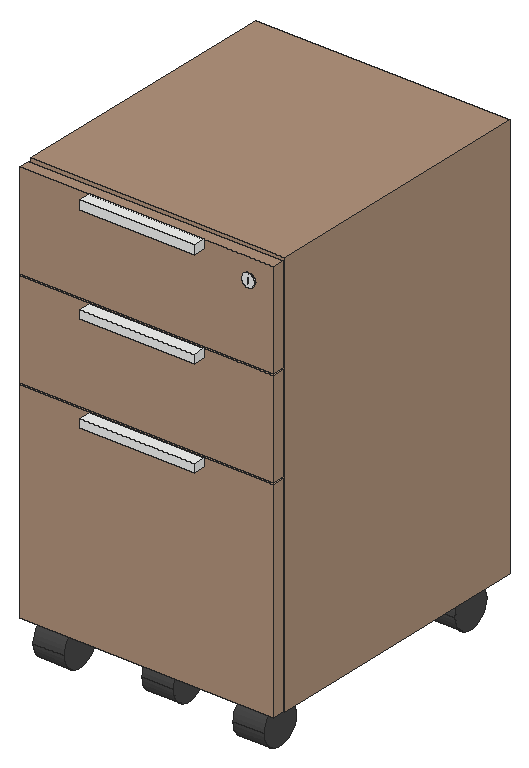
Revit family "Storage-Freestanding-Teknion-BSPMS_Mobile_Pedestal-R2018", category Furniture, Revit 2018
Family settings
  OmniClass Number = 23.40.20.00
  OmniClass Title = General Furniture and Specialties
  Work Plane-Based = No
  Always vertical = Yes
  Cut with Voids When Loaded = No
  Shared = Yes
  Room Calculation Point = No
Parameters (values of type "18" Depth, 28" Height")
  Warranty = "http://www.teknion.com/ca/papers/legal-canada"
  Unit Weight URL = "http://www.teknion.com/ca/tools/assets#&asset=bee6a381-b954-425e-8283-5a2de3a804f2,f828d448-4b62-4231-9e5f-9a8991c0ed77"
  URL = "www.teknion.com"
  To render please download texture images found here [instance] = "https://assets.teknion.com/web/5e81352c1dfdb467/revit-material-swatches/"
  Sustainability Data = "https://www.teknion.com/ca/tools/assets#&topic=216f99a5-57a0-44fc-b10a-9dee9b29ae4c&asset=444deb64-fe58-4b68-981e-f75e97781df7,b4ff2d81-9f2e-437d-9659-7cffb09c31cf"
  Series = "Expansion Casegoods"  # constant formula
  Pull Finish [instance] = Paint - Teknion - Mica - Very White
  Product Page URL = "https://www.teknion.com/ca/products/product-details?productLineId=0053336e-8e7a-673b-a6c8-ff00004460c4"
  Product Line = "Expansion Casegoods"  # constant formula
  Product Documentation Link = "https://www.teknion.com/pricing/expansion-casegoods/pdfs/Bspms_ppg.pdf"
  Part Number = "BSPMS"  # constant formula
  Model = "BSPMSP1828_"
  Manufacturer Phone = "416-661-3370"  # constant formula
  Manufacturer Fax = "416.661.4586"  # constant formula
  Manufacturer Contact Information = "http://www.teknion.com/ca/contactus"
  Manufacturer Address = "1150 Flint Road, Toronto, ON. M3J 2J5. Canada"  # constant formula
  Manufacturer = "Teknion"  # constant formula
  How To Use Teknion Materials User Guide [instance] = "https://assets.teknion.com/m/205dd0a49fa58060/original/How-to-add-a-Material-Library-and-Texture-Images-to-your-Revit-project.pdf"
  For Additional Finishes please visit [instance] = "https://assets.teknion.com/m/44a8009b046e5d47/original/Teknion_Materials_Library.zip"
  File, File Configuration [instance] = not([Box, Box, File Configuration])  # no
  Drawer Front Finish [instance] = Source Laminate - Teknion - 3M - Provincial Oak
  Description = "Mobile Pedestal, Pulls, 18\" Depth, 28\" Height"
  Depth = 18.000"
  Case Finish [instance] = Source Laminate - Teknion - 3M - Provincial Oak (Cross Grain)
  Box, Box, File Top Drawer Cut-Out [instance] = if([Box, Box, File Configuration], 3.589", 0.500")  # 3.589"
  Box, Box, File Configuration [instance] = yes
  Assembly Code = "E2020200"
Types (4): name | Model | Description | Depth
  (no name) | "BSPMSP1828_" | "Mobile Pedestal, Pulls, 18\" Depth, 28\" Height" | 18.000"
  18" Depth, 28" Height | "BSPMSP1828_" | "Mobile Pedestal, Pulls, 18\" Depth, 28\" Height" | 18.000"
  22" Depth, 28" Height | "BSPMSP2228_" | "Mobile Pedestal, Pulls, 22\" Depth, 28\" Height" | 22.000"
  30" Depth, 28" Height | "BSPMSP3028_" | "Mobile Pedestal, Pulls, 30\" Depth, 28\" Height" | 30.000"
Reference planes (in)
  plane 1 "Center Front/Back": y = 0.93551
  plane 2: z = 0
  plane 3 "Center Left/Right": x = -0.36395
  plane 4 "Left": x = -8.11395
  plane 5 "Right": x = 7.38605
  plane 6 "Back": y = 9.93551
  plane 7 "Front": y = -8.06449
  plane 8 "Top": z = 27.18898
  plane 9: y = -10.81449
  plane 10: z = 2.37795
Forms (in)
  Sweep 1, solid, material "Source Laminate - Teknion - 3M - Provincial Oak (Cross Grain)" <- "Case Finish"
    path origin (0, 0, 0) x (1, 0, 0) y (0, 1, 0)
      loop
        line (-0.36395, 9.93551) -> (-0.36395, -7.22591)
    profile origin (-0.36395, 1.3548, 0) x (1, 0, 0) y (0, 0, 1)
      loop
        line (-7.75, 27.18898) -> (-7.75, 2.37795) -> (7.75, 2.37795) -> (7.75, 27.18898) -> (-7.75, 27.18898)
  Sweep 2, void
    path origin (0, 0, 0) x (1, 0, 0) y (0, 1, 0)
      loop
        line (-0.36395, -10.81449) -> (-0.36395, -7.22549)
    profile origin (-0.36395, -9.01999, 0) x (-1, 0, 0) y (0, 0, 1)
      loop
        line (7.75, 15.25984) -> (-7.75, 15.25984) -> (-7.75, 15.14173) -> (7.75, 15.14173) -> (7.75, 15.25984)
  Sweep 3, solid, material "Source Laminate - Teknion - 3M - Provincial Oak" <- "Drawer Front Finish"
    path origin (0, 0, 0) x (1, 0, 0) y (0, 1, 0)
      loop
        line (-0.36395, -8.06449) -> (-0.36395, -7.3637)
    profile origin (-0.36395, -7.7141, 0) x (-1, 0, 0) y (0, 0, 1)
      loop
        line (7.75, 2.41732) -> (7.75, 27.07087) -> (-7.75, 27.07087) -> (-7.75, 2.41732) -> (7.75, 2.41732)
  Sweep 4, solid, material "Paint - Teknion - Mica - Very White" <- "Pull Finish"
    path origin (0, 0, 0) x (1, 0, 0) y (0, 1, 0)
      loop
        line (-0.36395, -8.81646) -> (-0.36395, -8.06449)
    profile origin (-0.36395, -8.44047, 0) x (-1, 0, 0) y (0, 0, 1)
      loop
        line (3.5, 14.64173) -> (3.5, 15.14173) -> (-3.5, 15.14173) -> (-3.5, 14.64173) -> (3.5, 14.64173)
  Sweep 5, solid, material "Paint - Teknion - Mica - Very White" <- "Pull Finish"
    path origin (-7, 0, 12.48032) x (1, 0, 0) y (0, 1, 0)
      loop
        line (6.63605, -8.81646) -> (6.63605, -8.06449)
    profile origin (-0.36395, -8.44047, 12.48032) x (-1, 0, 0) y (0, 0, 1)
      loop
        line (-3.5, 14.09055) -> (3.5, 14.09055) -> (3.5, 14.59055) -> (-3.5, 14.59055) -> (-3.5, 14.09055)
  Sweep 6, solid, material "Metal - Teknion - C6 - Chrome"
    path origin (0, 0, 0) x (1, 0, 0) y (0, 1, 0)
      loop
        line (5.87031, -8.12354) -> (5.87031, -8.06449)
    profile origin (5.87031, -8.09402, 0) x (-1, 0, 0) y (0, 0, 1)
      loop
        circle (0, 25.81102) r 0.3937
      loop
        line (0.04921, 25.99803) -> (-0.04921, 25.99803) -> (-0.04921, 25.62402) -> (0.04921, 25.62402) -> (0.04921, 25.99803)
  Sweep 7, void
    path origin (0, 0, 6.24016) x (1, 0, 0) y (0, 1, 0)
      loop
        line (-0.36395, -10.81449) -> (-0.36395, -7.22549)
    profile origin (-0.36395, -9.01999, 6.24016) x (-1, 0, 0) y (0, 0, 1)
      loop
        line (7.75, 14.98425) -> (-7.75, 14.98425) -> (-7.75, 14.86614) -> (7.75, 14.86614) -> (7.75, 14.98425)
  Sweep 8, solid, material "Paint - Teknion - Mica - Very White" <- "Pull Finish", visible <- "Box, Box, File Configuration"
    path origin (-14, 0, 6.24016) x (1, 0, 0) y (0, 1, 0)
      loop
        line (13.63605, -8.81646) -> (13.63605, -8.06449)
    profile origin (-0.36395, -8.44047, 6.24016) x (-1, 0, 0) y (0, 0, 1)
      loop
        line (3.5, 14.36614) -> (3.5, 14.86614) -> (-3.5, 14.86614) -> (-3.5, 14.36614) -> (3.5, 14.36614)
  Sweep 9, solid, material "Plastic - Teknion - E - Ebony"
    path origin (0, 0, 0) x (1, 0, 0) y (0, 1, 0)
      loop
        line (-7.423, 7.82134) -> (-5.50568, 7.82134)
    profile origin (-6.46434, 7.82134, 0) x (0, 1, 0) y (0, 0, 1)
      loop
        circle (0, 1.19317) r 1.19317
  Sweep 10, solid, material "Plastic - Teknion - E - Ebony"
    path origin (12.20079, 0, 0) x (1, 0, 0) y (0, 1, 0)
      loop
        line (-7.423, 7.82134) -> (-5.50568, 7.82134)
    profile origin (5.73645, 7.82134, 0) x (0, 1, 0) y (0, 0, 1)
      loop
        circle (0, 1.19317) r 1.19317
  Sweep 11, solid, material "Plastic - Teknion - E - Ebony"
    path origin (12.20079, -26.53911, 0) x (1, 0, 0) y (0, 1, 0)
      loop
        line (-7.423, 19.82134) -> (-5.50568, 19.82134)
    profile origin (5.73645, -6.71778, 0) x (0, 1, 0) y (0, 0, 1)
      loop
        circle (0, 1.19317) r 1.19317
  Sweep 12, solid, material "Plastic - Teknion - E - Ebony"
    path origin (0, -26.53911, 0) x (1, 0, 0) y (0, 1, 0)
      loop
        line (-7.423, 19.82134) -> (-5.50568, 19.82134)
    profile origin (-6.46434, -6.71778, 0) x (0, 1, 0) y (0, 0, 1)
      loop
        circle (0, 1.19317) r 1.19317
  Sweep 13, solid, material "Plastic - Teknion - E - Ebony"
    path origin (6.10039, -25.85852, 0) x (1, 0, 0) y (0, 1, 0)
      loop
        line (-7.423, 19.82134) -> (-5.50568, 19.82134)
    profile origin (-0.36395, -6.03719, 0) x (0, 1, 0) y (0, 0, 1)
      loop
        circle (0, 1.19317) r 1.19317
Cuts and joins
  Sweep 2, Sweep 7 cuts Sweep 3
  Sweep 7 cuts Sweep 1
Lines and regions (in)
  Masking region 1
    outline origin (0, 0, 0) x (1, 0, 0) y (0, 1, 0)
      loop
        line (-8.11395, 9.93551) -> (-8.11395, -7.22591) -> (7.38605, -7.22591) -> (7.38605, 9.93551) -> (-8.11395, 9.93551)
  Masking region 2
    outline origin (0, 0, 0) x (1, 0, 0) y (0, 1, 0)
      loop
        line (-8.11395, -8.06449) -> (7.38605, -8.06449) -> (7.38605, -7.3637) -> (-8.11395, -7.3637) -> (-8.11395, -8.06449)
  Masking region 3
    outline origin (0, 0, 0) x (1, 0, 0) y (0, 1, 0)
      loop
        line (5.47661, -8.06449) -> (5.47661, -8.12354) -> (6.26401, -8.12354) -> (6.26401, -8.06449) -> (5.47661, -8.06449)
  Masking region 4
    outline origin (0, 0, 0) x (1, 0, 0) y (0, 1, 0)
      loop
        line (-3.86395, -8.06449) -> (-3.86395, -8.81646) -> (3.13605, -8.81646) -> (3.13605, -8.06449) -> (-3.86395, -8.06449)
  symbolic lines, style "FurnitureHiddenLines", detail levels fine
    curve 1: line (-7.423, -5.5246, 0) -> (-5.50568, -5.5246, 0)
    curve 2: line (-7.423, -7.91095, 0) -> (-7.423, -5.5246, 0)
    curve 3: line (-5.50568, -7.91095, 0) -> (-7.423, -7.91095, 0)
    curve 4: line (-5.50568, -5.5246, 0) -> (-5.50568, -7.91095, 0)
    curve 5: line (-1.32261, -4.84402, 0) -> (0.59472, -4.84402, 0)
    curve 6: line (-1.32261, -7.23036, 0) -> (-1.32261, -4.84402, 0)
    curve 7: line (0.59472, -7.23036, 0) -> (-1.32261, -7.23036, 0)
    curve 8: line (0.59472, -4.84402, 0) -> (0.59472, -7.23036, 0)
    curve 9: line (4.77779, -5.5246, 0) -> (6.69511, -5.5246, 0)
    curve 10: line (4.77779, -7.91095, 0) -> (4.77779, -5.5246, 0)
    curve 11: line (6.69511, -7.91095, 0) -> (4.77779, -7.91095, 0)
    curve 12: line (6.69511, -5.5246, 0) -> (6.69511, -7.91095, 0)
    curve 13: line (-7.423, 9.01451, 0) -> (-5.50568, 9.01451, 0)
    curve 14: line (-7.423, 6.62817, 0) -> (-7.423, 9.01451, 0)
    curve 15: line (-5.50568, 6.62817, 0) -> (-7.423, 6.62817, 0)
    curve 16: line (-5.50568, 9.01451, 0) -> (-5.50568, 6.62817, 0)
    curve 17: line (4.77779, 9.01451, 0) -> (6.69511, 9.01451, 0)
    curve 18: line (4.77779, 6.62817, 0) -> (4.77779, 9.01451, 0)
    curve 19: line (6.69511, 6.62817, 0) -> (4.77779, 6.62817, 0)
    curve 20: line (6.69511, 9.01451, 0) -> (6.69511, 6.62817, 0)
Dimensions and locks (in)
  locked: plane 4 "Left" to plane 5 "Right" at 15.5
  "Depth": plane 6 "Back" to plane 7 "Front"
  locked: plane 8 "Top" to level at 27.18898
  equal spacing: plane 7 "Front", plane 1 "Center Front/Back", plane 6 "Back"
  equal spacing: plane 4 "Left", plane 3 "Center Left/Right", plane 5 "Right"
  locked: plane 7 "Front" to Sweep 1 sketch curve at 0.83858
  locked: plane 7 "Front" to plane 9 at 2.75
  Sweep 2 sketch curve to plane 9 = 3.589"
  Sweep 2 sketch curve to Sweep 2 sketch curve to level = 0.11811" locked, 15.14173" locked
  locked: plane 7 "Front" to Sweep 3 sketch curve at 0.70079
  locked: Sweep 3 sketch curve to level at 2.41732
  locked: plane 8 "Top" to Sweep 3 sketch curve at 0.11811
  locked: Sweep 4 sketch curve to plane 7 "Front" at 0.75197
  Sweep 4 sketch curve to Sweep 4 sketch curve to level = 0.500" locked, 14.64173" locked
  Sweep 4 sketch curve to plane 3 "Center Left/Right" to Sweep 4 sketch curve = 3.500" locked, 3.500" locked
  plane 8 "Top" to Sweep 5 sketch curve to Sweep 5 sketch curve = 0.11811" locked, 0.500" locked
  Sweep 5 sketch curve to plane 3 "Center Left/Right" to Sweep 5 sketch curve = 3.500" locked, 3.500" locked
  locked: Sweep 5 sketch curve to plane 7 "Front" at 0.75197
  locked: Sweep 6 sketch curve to plane 7 "Front" at 0.05906
  locked: plane 8 "Top" to Sweep 6 sketch curve at 1.37795
  locked: Sweep 6 sketch curve to plane 5 "Right" at 1.51575
  plane 8 "Top" to Sweep 6 sketch curve to Sweep 6 sketch curve = 1.19094" locked, 0.37402" locked
  Sweep 6 sketch curve to Sweep 6 sketch curve to plane 5 "Right" = 0.09843" locked, 1.46654" locked
  plane 10 to level = 2.37795"
  plane 8 "Top" to Sweep 7 sketch curve to Sweep 7 sketch curve = 5.96457" locked, 0.11811" locked
  "Box, Box, File Top Drawer Cut-Out": Sweep 7 sketch curve to plane 9
  plane 8 "Top" to Sweep 8 sketch curve to Sweep 8 sketch curve = 6.08268" locked, 0.500" locked
  Sweep 8 sketch curve to plane 3 "Center Left/Right" to Sweep 8 sketch curve = 3.500" locked, 3.500" locked
  locked: Sweep 8 sketch curve to plane 7 "Front" at 0.75197
  Masking region 3 sketch curve to Masking region 3 sketch curve to plane 5 "Right" = 0.7874" locked, 1.12205" locked
  locked: plane 6 "Back" to Sweep 9 sketch curve at 2.11417
  locked: Sweep 9 sketch curve to level at 1.19317
  Sweep 10 sketch curve to Sweep 10 sketch curve to plane 5 "Right" = 1.91732" locked, 0.69094" locked
  locked: plane 6 "Back" to Sweep 10 sketch curve at 2.11417  (x2)
  locked: Sweep 10 sketch curve to level at 1.19317
  Sweep 13 sketch curve to plane 3 "Center Left/Right" to Sweep 13 sketch curve = 0.95866" locked, 0.95866" locked
  locked: plane 7 "Front" to Sweep 13 sketch curve at 2.0273
  plane 4 "Left" to Sweep 12 sketch curve to Sweep 12 sketch curve = 0.69095" locked, 1.91732" locked
  locked: plane 7 "Front" to Sweep 12 sketch curve at 1.34671
  locked: Sweep 12 sketch curve to plane 7 "Front" at 1.34671
  locked: Sweep 12 sketch curve to level at 1.19317
  locked: Sweep 13 sketch curve to plane 7 "Front" at 2.0273
  locked: Sweep 13 sketch curve to level at 1.19317
  Sweep 11 sketch curve to Sweep 11 sketch curve to plane 5 "Right" = 1.91732" locked, 0.69094" locked
  locked: plane 7 "Front" to Sweep 11 sketch curve at 1.34671
  locked: Sweep 11 sketch curve to plane 7 "Front" at 1.34671
  locked: Sweep 11 sketch curve to level at 1.19317
  plane 7 "Front" to curve 3 to curve 11 to curve 7 to curve 1 to curve 9 to curve 5 = 0.15354" locked, 0.000" locked, 0.68059" locked, 1.70575" locked, 0.000" locked, 0.68059" locked
  plane 6 "Back" to curve 17 to curve 13 to curve 19 to curve 15 = 0.921" locked, 0.000" locked, 2.38634" locked, 0.000" locked
  aligned and locked: level to plane 2
  aligned and locked: plane 6 "Back" to Sweep 1 sketch curve
  aligned and locked: Sweep 1 sketch curve to plane 3 "Center Left/Right"
  aligned and locked: plane 5 "Right" to Sweep 1 sketch curve
  aligned and locked: plane 4 "Left" to Sweep 1 sketch curve
  aligned and locked: Sweep 1 sketch curve to plane 8 "Top"
  aligned and locked: plane 9 to Sweep 2 sketch curve
  aligned and locked: plane 3 "Center Left/Right" to Sweep 2 sketch curve
  aligned and locked: plane 5 "Right" to Sweep 2 sketch curve
  aligned and locked: plane 4 "Left" to Sweep 2 sketch curve
  aligned and locked: plane 7 "Front" to Sweep 3 sketch curve
  aligned and locked: plane 3 "Center Left/Right" to Sweep 3 sketch curve
  aligned and locked: plane 4 "Left" to Sweep 3 sketch curve
  aligned and locked: plane 5 "Right" to Sweep 3 sketch curve
  aligned and locked: plane 7 "Front" to Sweep 4 sketch curve
  aligned and locked: plane 3 "Center Left/Right" to Sweep 4 sketch curve
  aligned and locked: plane 7 "Front" to Sweep 5 sketch curve
  aligned and locked: plane 3 "Center Left/Right" to Sweep 5 sketch curve
  aligned and locked: plane 7 "Front" to Sweep 6 sketch curve
  aligned and locked: plane 4 "Left" to Sweep 7 sketch curve
  aligned and locked: plane 5 "Right" to Sweep 7 sketch curve
  aligned and locked: plane 9 to Sweep 7 sketch curve
  aligned and locked: plane 7 "Front" to Sweep 8 sketch curve
  aligned and locked: plane 3 "Center Left/Right" to Sweep 8 sketch curve
  aligned and locked: Masking region 1 sketch curve to plane 4 "Left"
  aligned and locked: Masking region 1 sketch curve to plane 6 "Back"
  aligned and locked: plane 5 "Right" to Masking region 1 sketch curve
  aligned and locked: Masking region 1 sketch curve to cut or joined group of Sweep 1, Sweep 7
  aligned and locked: Masking region 2 sketch curve to plane 7 "Front"
  aligned and locked: Masking region 2 sketch curve to plane 4 "Left"
  aligned and locked: Masking region 2 sketch curve to cut or joined group of Sweep 2, Sweep 3, Sweep 7
  aligned and locked: plane 5 "Right" to Masking region 2 sketch curve
  aligned and locked: Masking region 3 sketch curve to Sweep 6  (x2)
  aligned and locked: plane 7 "Front" to Masking region 4 sketch curve
  aligned and locked: Masking region 4 sketch curve to Sweep 4
  aligned and locked: Masking region 4 sketch curve to Sweep 5  (x2)
  aligned and locked: plane 10 to Sweep 1 sketch curve
  aligned and locked: curve 2 to Sweep 12
  aligned and locked: curve 4 to Sweep 12
  aligned and locked: curve 6 to Sweep 13
  aligned and locked: curve 8 to Sweep 13
  aligned and locked: curve 10 to Sweep 11
  aligned and locked: curve 12 to Sweep 11
  aligned and locked: curve 14 to Sweep 9
  aligned and locked: curve 16 to Sweep 9
  aligned and locked: curve 18 to Sweep 10
  aligned and locked: curve 20 to Sweep 10
Automatic sketch dimensions
  plane 5 "Right" to Sweep 6 sketch curve = 1.51575"
  Sweep 7 sketch curve to plane 3 "Center Left/Right" = 0.000"
  plane 4 "Left" to Sweep 9 sketch curve = 0.69095"
  Sweep 9 sketch curve to plane 6 "Back" = 2.11417"
  Sweep 9 sketch curve to Sweep 9 sketch curve = 1.91732"
  radius of Sweep 6 sketch curve = 0.3937"
  radius of Sweep 9 sketch curve = 1.19317"
  radius of Sweep 10 sketch curve = 1.19317"
  radius of Sweep 11 sketch curve = 1.19317"
  radius of Sweep 12 sketch curve = 1.19317"
  radius of Sweep 13 sketch curve = 1.19317"
